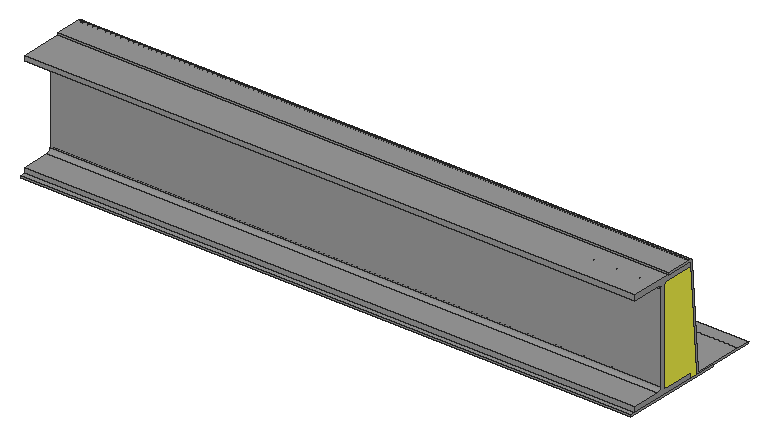
Revit family "XK 70 WOL", category Generic Models, Revit 2014
Parameters (values of type "Max lintel length 6600mm")
  URL = "http://www.keystonelintels.co.uk"
  Structural Opening [instance] = 900 mm
  Structural Performance = "The Keystone lintel range has safe working loads as detailed in each applicable loading table in the Keystone Lintel Guide brochure. The structural performance figures within each table have been ascertained by testing in accordance with the requirements of standards BS EN 5977-2: 1983 and BS EN 845-2: 2003."
  RIBA Productor Selector = "available for Keystone Lintels Ltd from Keystone Lintels Ltd from ribaproductselector.com"
  Model = "X/K 70 WOL"
  Min Length = 600 mm
  Min Clear Span = 300 mm
  Max Length = 6600 mm
  Max Clear Span = 6600 mm
  Material - Stainless Steel = "Grade 304 2b 1.4307 to BS EN 10088-2. Other grades available on request: contact manufacturer."
  Material - Galvanised Steel = "To BS EN 10346: 2009. DX51D plus Z600 or grade Z275 to BS 5977-2: 1983 (BS EN 845-2: 2003)."
  Manufacturer = "Keystone"
  Manufactured Length [instance] = (roundup(Effective Length / 150 mm) * 150 mm)  # 1200 mm
  Lintel height [instance] = 2100 mm
  Keynote = "F30/755"
  Fire Performance = "Keystone lintels have been subjected to a fire test (WARRES No. 101263) in accordance with BS 476-20: 1987, at Exova Warrington Fire and achieved a one hour fire performance."
  End Bearing = 150 mm
  Effective Length [instance] = Clear Opening with MIN MAX set + End Bearing * 2  # 1200 mm
  Corrosion = "Keystone’s standard range of lintels are manufactured from high quality grade pre-galvanized carbon steel with a zinc coating of 600"
  Contact Tel = "+44 (0)28 8676 2184"
  Contact Email = "info@keystonelintels.co.uk"
  Clear Opening with MIN MAX set [instance] = if(Structural Opening < Min Clear Span, Min Clear Span, (if(Structural Opening > Max Clear Span, Max Clear Span, Structural Opening)))  # 900 mm
  CPD Information = "Available for Keystone Lintels Ltd from ribacpd.com"
Reference planes
  plane 1 "Center (Front/Back)": y = 0
  plane 2: z = 0
  plane 3 "Center (Left/Right)": x = 0
  plane 4: x = -600
  plane 5: x = 600
  plane 6: z = 2100
  plane 7: x = -450
  plane 8: x = 450
Forms (mm)
  Extrusion 1, solid, material "Steel"
    sketch origin (0, 706.658, -506.841) x (0, 1, 0) y (0, 0, 1)
      loop
        line (-598.102, 2606.841) -> (-573.117, 2605.979) -> (-573.007, 2609.177) -> (-597.992, 2610.041) -> (-694.148, 2610.041)
        arc (-694.148, 2610.041) -> (-695.372, 2610.522) -> (-695.943, 2611.706) r 1.8
        line (-695.943, 2611.706) -> (-710.993, 2812.143)
        arc (-710.993, 2812.143) -> (-712.674, 2815.491) -> (-716.169, 2816.841) r 5.2
        line (-716.169, 2816.841) -> (-768.669, 2816.841) -> (-768.669, 2813.641) -> (-716.169, 2813.641)
        arc (-716.169, 2813.641) -> (-714.835, 2813.131) -> (-714.181, 2811.86) r 2
        line (-714.181, 2811.86) -> (-699.134, 2611.467)
        arc (-699.134, 2611.467) -> (-697.549, 2608.176) -> (-694.148, 2606.841) r 5
        line (-694.148, 2606.841) -> (-598.102, 2606.841)
    from -600 to 600
  Extrusion 2, solid, material "Steel"
    sketch origin (0, 706.658, -506.841) x (0, 1, 0) y (0, 0, 1)
      loop
        line (-717.066, 2616.441) -> (-773.216, 2616.441)
        arc (-773.216, 2616.441) -> (-778.59, 2618.667) -> (-780.816, 2624.041) r 7.6
        line (-780.816, 2624.041) -> (-780.816, 2796.441)
        arc (-780.816, 2796.441) -> (-778.59, 2801.815) -> (-773.216, 2804.041) r 7.6
        line (-773.216, 2804.041) -> (-717.066, 2804.041) -> (-717.066, 2813.641) -> (-850.966, 2813.641) -> (-850.966, 2804.041) -> (-794.816, 2804.041)
        arc (-794.816, 2804.041) -> (-789.442, 2801.815) -> (-787.216, 2796.441) r 7.6
        line (-787.216, 2796.441) -> (-787.216, 2624.041)
        arc (-787.216, 2624.041) -> (-789.442, 2618.667) -> (-794.816, 2616.441) r 7.6
        line (-794.816, 2616.441) -> (-850.966, 2616.441) -> (-850.966, 2606.841) -> (-717.066, 2606.841) -> (-717.066, 2616.441)
    from -600 to 600
  Extrusion 3, solid, material "Steel"
    sketch origin (0, 706.658, -506.841) x (0, 1, 0) y (0, 0, 1)
      loop
        line (-860.966, 2606.841) -> (-860.966, 2603.641) -> (-660.966, 2603.641) -> (-660.966, 2606.841) -> (-860.966, 2606.841)
    from -600 to 600
  Extrusion 4, solid, material "Insulation"
    sketch origin (0, 706.658, -506.841) x (0, 1, 0) y (0, 0, 1)
      loop
        line (-717.066, 2606.841) -> (-694.148, 2606.841)
        arc (-694.148, 2606.841) -> (-697.549, 2608.176) -> (-699.134, 2611.467) r 5
        line (-699.134, 2611.467) -> (-714.181, 2811.86)
        arc (-714.181, 2811.86) -> (-714.835, 2813.131) -> (-716.169, 2813.641) r 2
        line (-716.169, 2813.641) -> (-717.066, 2813.641) -> (-717.066, 2804.041) -> (-773.216, 2804.041)
        arc (-773.216, 2804.041) -> (-778.59, 2801.815) -> (-780.816, 2796.441) r 7.6
        line (-780.816, 2796.441) -> (-780.816, 2624.041)
        arc (-780.816, 2624.041) -> (-778.59, 2618.667) -> (-773.216, 2616.441) r 7.6
        line (-773.216, 2616.441) -> (-717.066, 2616.441) -> (-717.066, 2606.841)
    from -600 to 600
  Extrusion 5, solid, not visible
    sketch origin (0, 884.296, 1168.955) x (0, 1, 0) y (0, 0, 1)
      loop
        line (-598.102, 1006.841) -> (-573.117, 1005.979) -> (-573.007, 1009.177) -> (-597.992, 1010.041) -> (-694.148, 1010.041)
        arc (-694.148, 1010.041) -> (-695.372, 1010.522) -> (-695.943, 1011.706) r 1.8
        line (-695.943, 1011.706) -> (-710.993, 1212.143)
        arc (-710.993, 1212.143) -> (-712.674, 1215.491) -> (-716.169, 1216.841) r 5.2
        line (-716.169, 1216.841) -> (-768.669, 1216.841) -> (-768.669, 1213.641) -> (-716.169, 1213.641)
        arc (-716.169, 1213.641) -> (-714.835, 1213.131) -> (-714.181, 1211.86) r 2
        line (-714.181, 1211.86) -> (-699.134, 1011.467)
        arc (-699.134, 1011.467) -> (-697.549, 1008.176) -> (-694.148, 1006.841) r 5
        line (-694.148, 1006.841) -> (-598.102, 1006.841)
    from 0 to 250
  Extrusion 6, solid, not visible
    sketch origin (0, 641.244, 1187.424) x (0, 1, 0) y (0, 0, 1)
      loop
        line (-717.066, 1016.441) -> (-773.216, 1016.441)
        arc (-773.216, 1016.441) -> (-778.59, 1018.667) -> (-780.816, 1024.041) r 7.6
        line (-780.816, 1024.041) -> (-780.816, 1196.441)
        arc (-780.816, 1196.441) -> (-778.59, 1201.815) -> (-773.216, 1204.041) r 7.6
        line (-773.216, 1204.041) -> (-717.066, 1204.041) -> (-717.066, 1213.641) -> (-850.966, 1213.641) -> (-850.966, 1204.041) -> (-794.816, 1204.041)
        arc (-794.816, 1204.041) -> (-789.442, 1201.815) -> (-787.216, 1196.441) r 7.6
        line (-787.216, 1196.441) -> (-787.216, 1024.041)
        arc (-787.216, 1024.041) -> (-789.442, 1018.667) -> (-794.816, 1016.441) r 7.6
        line (-794.816, 1016.441) -> (-850.966, 1016.441) -> (-850.966, 1006.841) -> (-717.066, 1006.841) -> (-717.066, 1016.441)
    from 0 to 250
  Extrusion 7, solid, not visible
    sketch origin (0, 929.516, 1045.157) x (0, 1, 0) y (0, 0, 1)
      loop
        line (-860.966, 1006.841) -> (-860.966, 1003.641) -> (-660.966, 1003.641) -> (-660.966, 1006.841) -> (-860.966, 1006.841)
    from 0 to 250
  Extrusion 8, solid, not visible
    sketch origin (0, 546.268, 840.696) x (0, 1, 0) y (0, 0, 1)
      loop
        line (-717.066, 1006.841) -> (-694.148, 1006.841)
        arc (-694.148, 1006.841) -> (-697.549, 1008.176) -> (-699.134, 1011.467) r 5
        line (-699.134, 1011.467) -> (-714.181, 1211.86)
        arc (-714.181, 1211.86) -> (-714.835, 1213.131) -> (-716.169, 1213.641) r 2
        line (-716.169, 1213.641) -> (-717.066, 1213.641) -> (-717.066, 1204.041) -> (-773.216, 1204.041)
        arc (-773.216, 1204.041) -> (-778.59, 1201.815) -> (-780.816, 1196.441) r 7.6
        line (-780.816, 1196.441) -> (-780.816, 1024.041)
        arc (-780.816, 1024.041) -> (-778.59, 1018.667) -> (-773.216, 1016.441) r 7.6
        line (-773.216, 1016.441) -> (-717.066, 1016.441) -> (-717.066, 1006.841)
    from 0 to 250
Dimensions and locks
  equal spacing: plane 4, plane 3 "Center (Left/Right)", plane 5
  "Manufactured Length": plane 4 to plane 5
  "Lintel height": plane 6 to level
  "Structural Opening": plane 7 to plane 8
  equal spacing: plane 7, plane 3 "Center (Left/Right)", plane 8
  aligned and locked: level to plane 2
  aligned and locked: Extrusion 1 to plane 6
  aligned and locked: Extrusion 4 to plane 6
  aligned and locked: Extrusion 2 to plane 6
  aligned and locked: plane 6 to Extrusion 3
  aligned and locked: plane 5 to Extrusion 2
  aligned and locked: Extrusion 2 to plane 4
  aligned and locked: plane 5 to Extrusion 1
  aligned and locked: Extrusion 1 to plane 4
  aligned and locked: plane 5 to Extrusion 4
  aligned and locked: Extrusion 4 to plane 4
  aligned and locked: plane 5 to Extrusion 3
  aligned and locked: Extrusion 3 to plane 4
Automatic sketch dimensions
  Extrusion 1 sketch curve to Extrusion 1 sketch curve = 96.046 mm
  Extrusion 1 sketch curve to Extrusion 1 sketch curve = 24.985 mm
  Extrusion 1 sketch curve to Extrusion 1 sketch curve = 0.862 mm
  Extrusion 1 sketch curve to Extrusion 1 sketch curve = 0.11 mm  (x2)
  Extrusion 1 sketch curve to Extrusion 1 sketch curve = 3.2 mm
  Extrusion 1 sketch curve to Extrusion 1 sketch curve = 1.8 mm
  Extrusion 1 sketch curve to Extrusion 1 sketch curve = 4.986 mm
  Extrusion 1 sketch curve to Extrusion 1 sketch curve = 1.795 mm
  Extrusion 1 sketch curve to Extrusion 1 sketch curve = 15.051 mm
  Extrusion 1 sketch curve to Extrusion 1 sketch curve = 200.436 mm
  Extrusion 1 sketch curve to Extrusion 1 sketch curve = 3.188 mm
  Extrusion 1 sketch curve to Extrusion 1 sketch curve = 0.282 mm
  Extrusion 1 sketch curve to Extrusion 1 sketch curve = 1.988 mm
  Extrusion 1 sketch curve to Extrusion 1 sketch curve = 0.219 mm
  Extrusion 1 sketch curve to Extrusion 1 sketch curve = 52.5 mm
  Extrusion 2 sketch curve to Extrusion 2 sketch curve = 56.15 mm  (x3)
  Extrusion 2 sketch curve to Extrusion 2 sketch curve = 9.6 mm  (x3)
  Extrusion 2 sketch curve to Extrusion 2 sketch curve = 77.75 mm
  Extrusion 2 sketch curve to Extrusion 2 sketch curve = 21.6 mm
  Extrusion 2 sketch curve to Extrusion 2 sketch curve = 7.6 mm  (x4)
  Extrusion 2 sketch curve to Extrusion 2 sketch curve = 172.4 mm
  Extrusion 2 sketch curve to Extrusion 2 sketch curve = 0 mm
  Extrusion 3 sketch curve to Extrusion 3 sketch curve = 200 mm
  Extrusion 3 sketch curve to Extrusion 3 sketch curve = 3.2 mm
  Extrusion 4 sketch curve to Extrusion 4 sketch curve = 22.918 mm  (x2)
  Extrusion 4 sketch curve to Extrusion 4 sketch curve = 9.6 mm
  Extrusion 4 sketch curve to Extrusion 4 sketch curve = 5 mm
  Extrusion 4 sketch curve to Extrusion 4 sketch curve = 4.986 mm
  Extrusion 4 sketch curve to Extrusion 4 sketch curve = 2.884 mm  (x2)
  Extrusion 4 sketch curve to Extrusion 4 sketch curve = 195.419 mm
  Extrusion 4 sketch curve to Extrusion 4 sketch curve = 7.6 mm  (x2)
  Extrusion 4 sketch curve to Extrusion 4 sketch curve = 15.419 mm
  Extrusion 4 sketch curve to Extrusion 4 sketch curve = 1.781 mm
  Extrusion 4 sketch curve to Extrusion 4 sketch curve = 0.219 mm
  Extrusion 4 sketch curve to Extrusion 4 sketch curve = 56.15 mm
  Extrusion 4 sketch curve to Extrusion 4 sketch curve = 4.626 mm
  Extrusion 1 sketch curve to Extrusion 1 sketch curve = 0 mm  (x8)
  Extrusion 5 sketch curve to Extrusion 5 sketch curve = 96.046 mm
  Extrusion 5 sketch curve to Extrusion 5 sketch curve = 24.985 mm
  Extrusion 5 sketch curve to Extrusion 5 sketch curve = 0.862 mm
  Extrusion 5 sketch curve to Extrusion 5 sketch curve = 0.11 mm  (x2)
  Extrusion 5 sketch curve to Extrusion 5 sketch curve = 3.2 mm
  Extrusion 5 sketch curve to Extrusion 5 sketch curve = 1.8 mm
  Extrusion 5 sketch curve to Extrusion 5 sketch curve = 4.986 mm
  Extrusion 5 sketch curve to Extrusion 5 sketch curve = 0 mm  (x8)
  Extrusion 5 sketch curve to Extrusion 5 sketch curve = 1.795 mm
  Extrusion 5 sketch curve to Extrusion 5 sketch curve = 15.051 mm
  Extrusion 5 sketch curve to Extrusion 5 sketch curve = 200.436 mm
  Extrusion 5 sketch curve to Extrusion 5 sketch curve = 3.188 mm
  Extrusion 5 sketch curve to Extrusion 5 sketch curve = 0.282 mm
  Extrusion 5 sketch curve to Extrusion 5 sketch curve = 1.988 mm
  Extrusion 5 sketch curve to Extrusion 5 sketch curve = 0.219 mm
  Extrusion 5 sketch curve to Extrusion 5 sketch curve = 52.5 mm
  Extrusion 6 sketch curve to Extrusion 6 sketch curve = 56.15 mm  (x3)
  Extrusion 6 sketch curve to Extrusion 6 sketch curve = 9.6 mm  (x3)
  Extrusion 6 sketch curve to Extrusion 6 sketch curve = 77.75 mm
  Extrusion 6 sketch curve to Extrusion 6 sketch curve = 21.6 mm
  Extrusion 6 sketch curve to Extrusion 6 sketch curve = 7.6 mm  (x4)
  Extrusion 6 sketch curve to Extrusion 6 sketch curve = 172.4 mm
  Extrusion 6 sketch curve to Extrusion 6 sketch curve = 0 mm
  Extrusion 7 sketch curve to Extrusion 7 sketch curve = 200 mm
  Extrusion 7 sketch curve to Extrusion 7 sketch curve = 3.2 mm
  Extrusion 8 sketch curve to Extrusion 8 sketch curve = 22.918 mm  (x2)
  Extrusion 8 sketch curve to Extrusion 8 sketch curve = 9.6 mm
  Extrusion 8 sketch curve to Extrusion 8 sketch curve = 5 mm
  Extrusion 8 sketch curve to Extrusion 8 sketch curve = 4.986 mm
  Extrusion 8 sketch curve to Extrusion 8 sketch curve = 2.884 mm  (x2)
  Extrusion 8 sketch curve to Extrusion 8 sketch curve = 195.419 mm
  Extrusion 8 sketch curve to Extrusion 8 sketch curve = 7.6 mm  (x2)
  Extrusion 8 sketch curve to Extrusion 8 sketch curve = 15.419 mm
  Extrusion 8 sketch curve to Extrusion 8 sketch curve = 1.781 mm
  Extrusion 8 sketch curve to Extrusion 8 sketch curve = 0.219 mm
  Extrusion 8 sketch curve to Extrusion 8 sketch curve = 56.15 mm
  Extrusion 8 sketch curve to Extrusion 8 sketch curve = 4.626 mm
  Extrusion 3 sketch curve to plane 6 = 0 mm
  plane 1 "Center (Front/Back)" to Extrusion 3 sketch curve = 154.308 mm
  Extrusion 2 sketch curve to plane 6 = 0 mm
  plane 1 "Center (Front/Back)" to Extrusion 2 sketch curve = 144.308 mm
  Extrusion 4 sketch curve to plane 6 = 0 mm
  plane 1 "Center (Front/Back)" to Extrusion 4 sketch curve = 74.158 mm
  Extrusion 1 sketch curve to plane 6 = 0 mm
  plane 1 "Center (Front/Back)" to Extrusion 1 sketch curve = 62.012 mm
